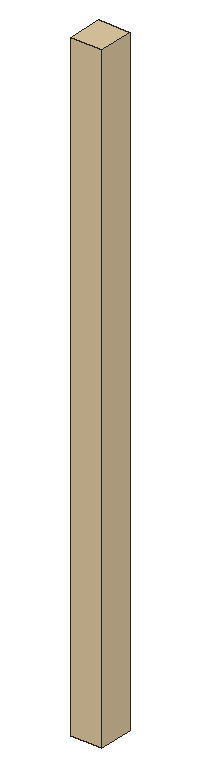
Revit family "집성재-남부소나무-기둥", category 구조 기둥, Revit 2026
Family settings
  단면 모양 = 정의되지 않음
  모델 동작 재료 = 목재
  항상 형상으로 내보내기 = 아니오
  평면의 보 전환 = 경계 상자에서
  로드될 때 보이드를 사용하여 절단 = 아니오
  기호 표현 = 프로젝트 설정에서
  공유 = 아니오
  평면도에서 미리 절단된 패밀리 표시 = 예
Parameters (values of type "127 x 140")
  Structural Material [instance] = 목재 - 치수 재목
  b = 127 mm
  d = 140 mm
Types (3, lengths in mm): name | b
  (no name) | 127
  76 x 140 | 76
  127 x 140 | 127
Reference planes
  plane 1 "중심(앞/뒤)": y = 0
  plane 2: z = 0
  plane 3 "중심(왼쪽/오른쪽)": x = 0
  plane 4: x = -63.5
  plane 5: x = 63.5
  plane 6: y = 70
  plane 7: y = -70
Forms (mm)
  Extrusion 1, solid, material "목재 - 치수 재목" <- "Structural Material", detail levels medium+fine
    sketch origin (0, 0, 0) x (1, 0, 0) y (0, 1, 0)
      loop
        line (-63.5, 70) -> (-63.5, -70) -> (63.5, -70) -> (63.5, 70) -> (-63.5, 70)
    from 0 to 2500
Lines and regions (mm)
  symbolic lines, style "StructuralColumnStickSymbols", detail levels coarse
    curve 1: line (-63.5, 70, 0) -> (63.5, 70, 0)
    curve 2: line (-63.5, -70, 0) -> (63.5, -70, 0)
    curve 3: line (-63.5, 70, 0) -> (-63.5, -70, 0)
    curve 4: line (63.5, 70, 0) -> (63.5, -70, 0)
Dimensions and locks
  equal spacing: plane 4, plane 3 "중심(왼쪽/오른쪽)", plane 5
  equal spacing: plane 7, plane 1 "중심(앞/뒤)", plane 6
  "d": plane 7 to plane 6
  "b": plane 4 to plane 5
  aligned and locked: plane 6 to Extrusion 1 sketch curve
  aligned and locked: Extrusion 1 sketch curve to plane 7
  aligned and locked: Extrusion 1 sketch curve to plane 4
  aligned and locked: plane 5 to Extrusion 1 sketch curve
  aligned and locked: level to Extrusion 1
  aligned and locked: level to plane 2
  aligned and locked: Extrusion 1 to plane 2
Automatic sketch dimensions
  curve 3 to plane 4 = 0 mm
  curve 4 to plane 5 = 0 mm
  curve 3 to plane 7 = 0 mm
  curve 3 to plane 6 = 0 mm
